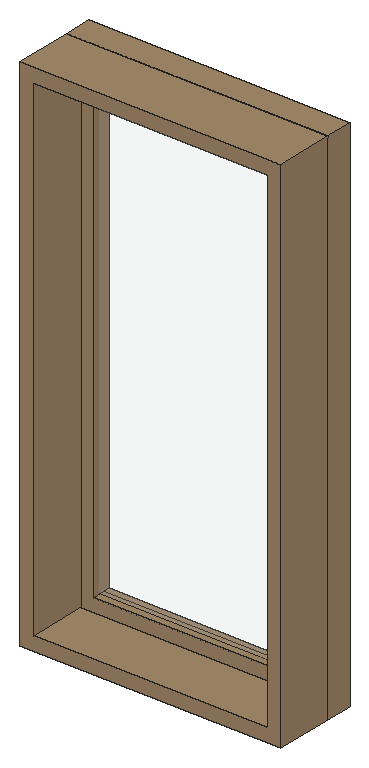
Revit family "M_Fixed", category Windows, host Wall, Revit 2018
Family settings
  Host = Wall
  OmniClass Number = 23.30.20.17.11
  OmniClass Title = Fixed Windows
  Always vertical = Yes
  Cut with Voids When Loaded = No
  Shared = No
  Room Calculation Point = No
Parameters (values of type "0610 x 1220mm")
  Frame Exterior Material = Sash
  Frame Interior Material = Sash
  Glass Pane Material = Glass
  Height = 1220 mm
  Sash = Sash
  Default Sill Height = 915 mm
  Wall Closure = By host
  Width = 610 mm
  Window Inset = 19 mm
  Analytic Construction = "<None>"
Types (9, lengths in mm): name | Height | Default Sill Height | Width
  0406 x 0610mm | 610 | 915 | 406
  0406 x 1220mm | 1220 | 915 | 406
  0610 x 0610mm | 610 | 915 | 610
  0610 x 1220mm | 1220 | 915 | 610
  0915 x 0610mm | 610 | 915 | 915
  0915 x 1220mm | 1220 | 915 | 915
  0406 x 1830mm | 1830 | 305 | 406
  0610 x 1830mm | 1830 | 305 | 610
  0915 x 1830mm | 1830 | 305 | 915
Reference planes
  plane 1: y = 0
  plane 2 "Center": x = 0
  plane 3 "Left": x = -305
  plane 4 "Right": x = 305
  plane 5 "Sill": z = 915
  plane 6 "Head": z = 2135
  plane 7: x = -286
  plane 8: x = 286
  plane 9: x = -273
  plane 10: x = 273
  plane 11: z = 2116
  plane 12: z = 2103
  plane 13: z = 947
  plane 14 "Closure": y = 66
Forms (mm)
  Extrusion 1, solid, material "Sash" <- "Frame Interior Material"
    sketch origin (0, 0, 0) x (-1, 0, 0) y (0, 0, 1)
      loop
        line (-305, 2135) -> (-305, 915) -> (305, 915) -> (305, 2135) -> (-305, 2135)
      loop
        line (-273, 2103) -> (-273, 947) -> (273, 947) -> (273, 2103) -> (-273, 2103)
    from -87 to 50
  Extrusion 2, solid, material "Sash" <- "Frame Exterior Material"
    sketch origin (0, 0, 0) x (-1, 0, 0) y (0, 0, 1)
      loop
        line (-305, 2135) -> (-305, 915) -> (305, 915) -> (305, 2135) -> (-305, 2135)
      loop
        line (-286, 2116) -> (-286, 934) -> (286, 934) -> (286, 2116) -> (-286, 2116)
    from 50 to 113
  Extrusion 3, solid, material "Sash" <- "Sash"
    sketch origin (0, 0, 0) x (-1, 0, 0) y (0, 0, 1)
      loop
        line (-286, 2116) -> (-286, 934) -> (286, 934) -> (286, 2116) -> (-286, 2116)
      loop
        line (-242, 2072) -> (-242, 978) -> (242, 978) -> (242, 2072) -> (-242, 2072)
    from 50 to 94
  Extrusion 4, solid, material "Glass" <- "Glass Pane Material"
    sketch origin (0, 0, 0) x (-1, 0, 0) y (0, 0, 1)
      loop
        line (-242, 2072) -> (-242, 978) -> (242, 978) -> (242, 2072) -> (-242, 2072)
    from 66 to 78
Lines and regions (mm)
  Opening 1
    outline origin (3500, -87, 0) x (1, 0, 0) y (0, 0, 1)
      loop
        line (-3195, 915) -> (-3195, 2135) -> (-3805, 2135) -> (-3805, 915) -> (-3195, 915)
  symbolic lines, style "WindowsFrameMullionProjection"
    curve 1: line (-305, 113, 0) -> (-286, 113, 0)
    curve 2: line (-305, -87, 0) -> (-273, -87, 0)
    curve 3: line (-286, 94, 0) -> (-242, 94, 0)
    curve 4: line (-286, 50, 0) -> (-242, 50, 0)
    curve 5: line (-286, 113, 0) -> (-286, 50, 0)
    curve 6: line (-242, 94, 0) -> (-242, 50, 0)
    curve 7: line (-273, 50, 0) -> (-273, -87, 0)
    curve 8: line (303.878, 113, 0) -> (286, 113, 0)
    curve 9: line (286, 113, 0) -> (286, 50, 0)
    curve 10: line (286, 94, 0) -> (242, 94, 0)
    curve 11: line (242, 94, 0) -> (242, 50, 0)
    curve 12: line (242, 50, 0) -> (286, 50, 0)
    curve 13: line (305, -87, 0) -> (273, -87, 0)
    curve 14: line (273, 50, 0) -> (273, -87, 0)
  symbolic lines, style "WindowsGlassProjection"
    curve 15: line (-242, 72, 0) -> (242, 72, 0)
Text (mm)
  text "EXTERIOR" at (-1394.263, 836.427, 0), in view "Floor Line"
  text "INTERIOR" at (-1394.263, -535.979, 0), in view "Floor Line"
  text "Exterior" at (0, 314.263, 3273.967), in view "Right"
  text "Exterior" at (0, 999.457, 3063.296), in view "Left"
Dimensions and locks
  equal spacing: plane 3 "Left", plane 2 "Center", plane 4 "Right"
  "Width": plane 3 "Left" to plane 4 "Right"
  "Height": plane 5 "Sill" to plane 6 "Head"
  "Default Sill Height": plane 5 "Sill" to level
  "Window Inset": host wall to Extrusion 3
  locked: Extrusion 3 to Extrusion 3 at 44
  locked: Extrusion 3 to Extrusion 4 at 16
  locked: Extrusion 4 to Extrusion 4 at 12
  locked: Extrusion 1 sketch curve to Extrusion 1 sketch curve at 32  (x2)
  locked: plane 3 "Left" to plane 7 at 19
  locked: plane 8 to plane 4 "Right" at 19
  locked: plane 10 to plane 4 "Right" at 32
  locked: plane 3 "Left" to plane 9 at 32
  locked: plane 11 to plane 6 "Head" at 19
  locked: plane 6 "Head" to plane 12 at 32
  locked: plane 13 to plane 5 "Sill" at 32
  locked: plane 14 "Closure" to host wall at 47
  aligned and locked: host wall to Extrusion 1
  aligned and locked: host wall to Extrusion 2
  aligned and locked: Extrusion 3 sketch curve to Extrusion 2  (x4)
  aligned and locked: Extrusion 3 to Extrusion 1
  aligned and locked: Extrusion 2 to Extrusion 1
  aligned and locked: Extrusion 4 sketch curve to Extrusion 3  (x4)
  aligned and locked: curve 1 to Extrusion 2  (x2)
  aligned and locked: Extrusion 1 to curve 2
  aligned and locked: curve 3 to Extrusion 3
  aligned and locked: curve 4 to Extrusion 2  (x2)
  aligned and locked: curve 5 to Extrusion 2
  aligned and locked: curve 6 to Extrusion 3
  aligned and locked: curve 7 to Extrusion 1
  aligned and locked: Extrusion 2 to curve 9
  aligned and locked: curve 10 to Extrusion 3
  aligned and locked: curve 11 to Extrusion 3
  aligned and locked: Extrusion 3 to curve 12
  aligned and locked: curve 13 to Extrusion 1  (x2)
  aligned and locked: curve 14 to Extrusion 1
  aligned and locked: Extrusion 2 to curve 8
Automatic sketch dimensions
  Extrusion 1 sketch curve to plane 5 "Sill" = 32 mm
  plane 6 "Head" to Extrusion 1 sketch curve = 32 mm
  plane 4 "Right" to Extrusion 2 sketch curve = 19 mm
  Extrusion 2 sketch curve to Extrusion 2 sketch curve = 19 mm
  Extrusion 2 sketch curve to plane 5 "Sill" = 19 mm
  plane 6 "Head" to Extrusion 2 sketch curve = 19 mm
  Extrusion 3 sketch curve to Extrusion 3 sketch curve = 44 mm
  Extrusion 3 sketch curve to plane 3 "Left" = 63 mm
  Extrusion 3 sketch curve to plane 5 "Sill" = 63 mm
  plane 6 "Head" to Extrusion 3 sketch curve = 63 mm
  Extrusion 1 sketch curve to plane 4 "Right" = 0 mm
  Extrusion 1 sketch curve to plane 3 "Left" = 0 mm
  Extrusion 1 sketch curve to plane 5 "Sill" = 0 mm
  Extrusion 1 sketch curve to plane 6 "Head" = 0 mm
  Extrusion 2 sketch curve to plane 4 "Right" = 0 mm
  Extrusion 2 sketch curve to plane 3 "Left" = 0 mm
  Extrusion 2 sketch curve to plane 5 "Sill" = 0 mm
  Extrusion 2 sketch curve to plane 6 "Head" = 0 mm
  plane 4 "Right" to curve 8 = 1.122 mm
  curve 15 to curve 3 = 22 mm
  curve 2 to host wall = 0 mm
  Opening 1 sketch curve to plane 3 "Left" = 0 mm
  Opening 1 sketch curve to plane 4 "Right" = 0 mm
  Opening 1 sketch curve to plane 5 "Sill" = 0 mm
  Opening 1 sketch curve to plane 6 "Head" = 0 mm
